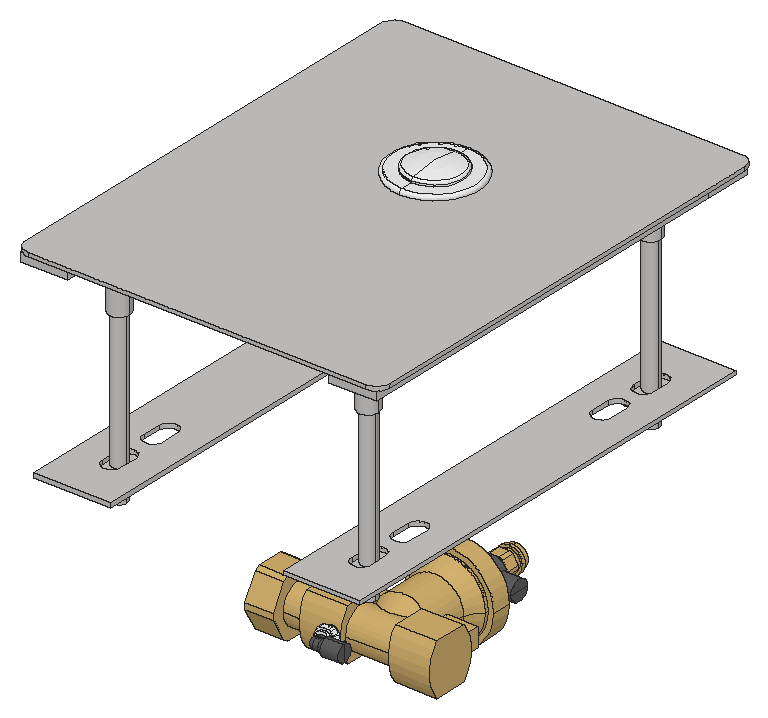
Revit family "PRD_AR_ShwrFttngsPckg_F3SSelfClosingShower_F3SV20101", category Plumbing Fixtures, host Face, Revit 2023
Family settings
  Host = Face
  Round Connector Dimension = Use Diameter
  Part Type = Normal
  OmniClass Number = 23.45.05.14.99
  OmniClass Title = Other Sanitary Washing Plumbing Fixtures
  Enable Cutting in Views = Yes
  Cut with Voids When Loaded = Yes
  Maintain Annotation Orientation = No
  Shared = No
  Room Calculation Point = No
Parameters (values of type "F3SV2010")
  WithTransformerPowerSupply = "n/a"
  WithRosettesCoverPlate = "Yes"
  WithFilter = "Yes"
  WithBackflowPreventer = "No"
  WaterConnection = "n/a"
  Waste Connection = yes
  WarrantyStartDate [instance] = "1900-12-31T23:59:59"
  WarrantyGuarantorParts = "n/a"
  WarrantyGuarantorLabor = "n/a"
  WarrantyDurationUnit = "n/a"
  WarrantyDurationParts = "n/a"
  WarrantyDurationLabor = "n/a"
  WarrantyDescription = "n/a"
  WallThickness [instance] = 100 mm
  WallThicknessControl [instance] = if(WallThickness < 60 mm, 60 mm, if(WallThickness > 500 mm, 500 mm, WallThickness))  # 100 mm
  WFU = 0
  VolumeFlowRateAt3Bar = "0.3 l/s"
  Version = "1"
  Vent Connection = yes
  ValveVerticalOffset [instance] = 0 mm
  ValveOffsetFromWall [instance] = 200 mm
  ValveTurnOn [instance] = yes
  Uniclass2015Version = "Products v1.36"
  Uniclass2015Title = "Shower fittings package"
  Uniclass2015Code = "Pr_40_20_87_75"
  URL = "www.kwc-professional.com"
  TypeOfShower = "in-wall fitting"
  TypeOfOperation = "Manual operation"
  TypeOfMounting = "Bolt mounting"
  TypeOfMixing = "No"
  Type IFC Predefined Type = "FLUSHING"
  ThermalDisinfection = "No"
  TemperatureLimit = "No"
  TagNumber [instance] = "n/a"
  SustainabilityPerformance = "n/a"
  SurfaceTreatmentFitting = "n/a"
  SurfaceFinishFitting = "n/a"
  SurfaceFinishCasing = "n/a"
  Status = "NEW"
  SoundInsulation = "n/a"
  Size = "15"
  ShowerType = "Individual"
  ShowerPipeDraining = "No"
  ShowerHeadDescription = "n/a"
  Shape = "n/a"
  SerialNumber [instance] = "n/a"
  Revision = "n/a"
  ReplacementCost = "n/a"
  Reference = "n/a"
  ProtectiveShutdown = "No"
  ProductInformation = "http://pim.kwc.com/product/2030068165/attachment/datasheet?locale=en"
  PositionOfWaterConnection = "n/a"
  NominalWidth = 190 mm
  NominalLength = 245 mm
  NominalHeight = 245 mm
  NominalDepth = 2 mm
  Name = "F3S Self-closing shower F3SV2010"
  NBSTypeID = "n/a"
  NBSReference = "45-35-70/330"
  NBSOfficeMasterTag = "n/a"
  NBSNote = "n/a"
  NBSDescription = "Shower fittings package"
  NBSCertification = "n/a"
  ModelReference = "F3SV2010"
  ModelNumber = "2030068165"
  Model = ModelReference  # "F3SV2010"
  MinimumFlowTime = "20 Seconds"
  MinimumFlowPressure = "1 bar"
  MaximumFlowTime = "30 Seconds"
  MaterialFitting = "brass-look"
  MaterialCasing = "stainless steel"
  Material = "stainless steel"
  ManufacturerURL = "www.kwc-professional.com"
  ManufacturerName = "KWC Group Management AG"
  Manufacturer = ManufacturerName  # "KWC Group Management AG"
  LockingMechanism = "Top section, non-ceramic"
  InstallationDate [instance] = "1900-12-31T23:59:59"
  InletSize = "G 1/2"
  IfcExportType = "SHOWER"
  IfcExportAs = "IfcSanitaryTerminalType"
  HygieneFlushing = "No"
  HasTray = "No"
  HWFU = 0
  Grade = "n/a"
  FunctionalPrinciple = "Hydraulic self-closing"
  ForHandShower = "No"
  Flow = 0.3 L/s
  Finish = "satin finished"
  Features = "For connection to pre-mixed hot water or cold water. All-metal construction, visible parts polished chromium-plated. Stainless steel cover plate 190 x 245 x 2 mm."
  Export Type to IFC As = "IfcValveType"
  ExpectedLife = "n/a"
  DurationUnit = "n/a"
  DrainSize = 15 mm
  DiameterNominal = "DN 15"
  Description = "F3S self-closing straight-way valve DN 15 for shower facilities, with remote control for concealed mounting. Especially suitable for facilities at risk of vandalism. Self-closing head part, hydraulically controlled for remote control, piston-free design, self-closing, for connection to pre-mixed hot water or cold water. All-metal construction, visible parts polished chromium-plated. Stainless steel cover plate 190 x 245 x 2 mm for invisible mounting via threaded rods, up to a wall thickness of 50 to 500 mm, pre-assembled push-button operation. Flush-mounted box, hydraulic control lines with empty conduit (2 m) and mounting material. Connection and maintenance via service room."
  Default Elevation = 1219.2 mm
  CreateOn = "04/2025"  # constant formula
  CoverPlateWidth = "190 mm"
  CoverPlateHeight = "245 mm"
  Constituents = "n/a"
  ConnectionWithPayWaterDispenser = "not possible"
  CompatibleA3000Open = "No"
  Color = "stainless steel-look"
  CodePerformance = "n/a"
  Circulation = "No"
  Category = "Pr_40_20_87_75, Shower fittings package"
  CalculationFlowRateHotWater = "n/a"
  CalculationFlowRateColdWater = "n/a"
  CWFU = 0
  CW Connection = yes
  BuiltinFittingModel = "Built-in section"
  ButtonMaterial = PRD_AR_ChromatedBrass_HighPolished
  BodyMaterial = PRD_AR_StainlessSteel_Brushed
  BasicColour = "n/a"
  BarCode [instance] = "n/a"
  BIMObjectName = "PRD_AR_ ShowerFittingsPackage_F3SSelfClosingShower_F3SV2010"
  Author = "Archispace"
  AssetType = "Fixed"
  AssetIdentifier [instance] = "n/a"
  AdjustableFlowTime = "Yes"
  AdditionalConnections = "No"
  AccessibilityPerformance = "n/a"
  AccentColour = "n/a"
Reference planes
  plane 1 "Center (Front/Back)": y = 0
  plane 2: z = 0
  plane 3 "Center (Left/Right)": x = 0
  plane 4: y = 0
  plane 5: z = -200
  plane 6: x = -60
  plane 7: x = 34
  plane 8: y = 90
  plane 9: y = -30
  plane 10: z = -100
  plane 11: y = 94.5
  plane 12: y = -94.5
Forms (mm)
  Extrusion 1, void
    sketch origin (0, 0, 0) x (1, 0, 0) y (0, 1, 0)
      loop
        circle (0, 4.921) r 11.456
    from -25 to 17.126
  Sweep 2, void
    path origin (0, 0, 0) x (0, 1, 0) y (0, 0, 1)
      loop
        line (90, -200) -> (-30, -200)
    profile origin (0, 30, -200) x (0, 0, -1) y (1, 0, 0)
      loop
        line (-28.107, 34) -> (-28.107, -60) -> (26.893, -60) -> (26.893, 34) -> (-28.107, 34)
  Extrusion 3, void
    sketch origin (0, -530.468, -200) x (-1, 0, 0) y (0, 1, 0)
      loop
        line (68, 624.968) -> (-68, 624.968) -> (-68, 435.968) -> (68, 435.968) -> (68, 624.968)
    from -247.556 to -100
Dimensions and locks
  "ValveOffsetFromWall": level to plane 5
  "ValveVerticalOffset": plane 4 to plane 1 "Center (Front/Back)"
  Sweep 2 sketch curve to plane 5 to Sweep 2 sketch curve = 26.893 mm locked, 28.107 mm locked
  plane 8 to plane 4 to plane 9 = 90 mm locked, 30 mm locked
  "WallThicknessControl": level to plane 10
  locked: plane 3 "Center (Left/Right)" to plane 7 at 34
  locked: plane 6 to plane 3 "Center (Left/Right)" at 60
  aligned and locked: plane 2 to host face
  aligned and locked: level to host face
  aligned and locked: Sweep 2 sketch curve to plane 5
  aligned and locked: plane 8 to Sweep 2 sketch curve
  aligned and locked: plane 9 to Sweep 2 sketch curve
  aligned and locked: Sweep 2 sketch curve to plane 6
  aligned and locked: plane 7 to Sweep 2 sketch curve
  aligned and locked: plane 3 "Center (Left/Right)" to nested 2
  aligned and locked: plane 4 to nested 2
  aligned and locked: nested 2 to plane 5
  aligned and locked: nested 1 to level
  aligned and locked: Extrusion 3 to plane 10
  aligned and locked: nested 1 to Extrusion 3 sketch curve
  aligned and locked: Extrusion 3 sketch curve to nested 1
  aligned and locked: Extrusion 3 to plane 12
Automatic sketch dimensions
  host sketch curve to host sketch curve = 2438.4 mm  (x2)
  Extrusion 1 sketch curve to Extrusion 1 sketch curve = 0 mm  (x2)
  Extrusion 1 sketch curve to plane 3 "Center (Left/Right)" = 0 mm
  Extrusion 1 sketch curve to plane 1 "Center (Front/Back)" = 4.921 mm
  Extrusion 1 sketch curve to Extrusion 1 sketch curve = 11.456 mm
  plane 6 to Extrusion 3 sketch curve = 8 mm
  Extrusion 3 sketch curve to plane 9 = 64.5 mm
Nested families
  nested 1: "ClosingShower" at (0, 0, 0) x (-1, 0, 0) z (0, 0, 1), Wall Thickness <- "WallThickness", type "FlushingValve"
    with Wall Thickness_Control 100 mm, Wall Thickness 100 mm
  nested 2: "Valve" at (0, 0, -200) x (1, 0, 0) z (0, 1, 0), visible <- "ValveTurnOn", type "Valve"
Connectors
  piping at (34, 0, -200), diameter 15
    settings: on nested 2, index 2, connector inside diameter 609.6 mm, connector length 0 mm, flow factor 0, pipe flow 0.0 L/s, pressure drop 0.0 Pa, fitting loss kfactor 0, connector angle 0.00°, fixture units 0, engagement length 0 mm, angle of deflection 0.00°, flow configuration 0, flow direction 1, fitting loss method 0, system type 28, joint type 0, gender type 0, connector reference index 3, connector utility 0, adjustable connector no, is connector primary yes, connector description "G3/4"
  piping at (-50, 0, -200), diameter 15, driven by "DrainSize", driven by "InletSize", driven by "Flow"
    settings: on nested 2, index 3, connector inside diameter 609.6 mm, connector length 0 mm, flow factor 0, pipe flow 0.3 L/s, pressure drop 0.0 Pa, fitting loss kfactor 0, connector angle 0.00°, fixture units 0, engagement length 0 mm, angle of deflection 0.00°, flow configuration 0, flow direction 1, fitting loss method 0, system type 7, joint type 0, gender type 0, connector reference index 2, connector utility 0, adjustable connector no, is connector primary no, connector description "G 1/2"
Definition of nested family "ClosingShower"
  Parameters (values of type "FlushingValve")
    Wall Thickness_Control [instance] = if(Wall Thickness < 60 mm, 60 mm, if(Wall Thickness > 500 mm, 500 mm, Wall Thickness))  # 130 mm
    Wall Thickness [instance] = 130 mm
    Material = none
    Default Elevation = 0 mm
    Brass Material = none
    Bottom material = none
  Reference planes
    plane 1 "Center (Front/Back)": y = 0
    plane 2: z = 0
    plane 3 "Center (Left/Right)": x = 0
    plane 4: z = -148.736
    plane 5: z = -132
    plane 6: z = -130
    plane 7: z = 2
    plane 8: z = -4.4
    plane 9: z = 26
    plane 10: z = -18
  Forms (mm)
    Extrusion 1, solid, material <- "Material", detail levels fine
      sketch origin (0, 0, 0) x (1, 0, 0) y (0, 1, 0)
        loop
          line (-95, 115.5) -> (-95, -115.5)
          arc (-95, -115.5) -> (-92.95, -120.45) -> (-88, -122.5) r 7
          line (-88, -122.5) -> (88, -122.5)
          arc (88, -122.5) -> (92.95, -120.45) -> (95, -115.5) r 7
          line (95, -115.5) -> (95, 115.5)
          arc (95, 115.5) -> (92.95, 120.45) -> (88, 122.5) r 7
          line (88, 122.5) -> (-88, 122.5)
          arc (-88, 122.5) -> (-92.95, 120.45) -> (-95, 115.5) r 7
      from 0 to 2
    Revolve 2, solid, material <- "Bottom material", detail levels fine
      sketch origin (0, 0, 0) x (0, 1, 0) y (0, 0, 1)
        loop
          line (-32.5, 2) -> (-9.476, 2)
          arc (-9.476, 2) -> (-9.812, 3.387) -> (-11.1, 4) r 1.659
          line (-11.1, 4) -> (-17.607, 4) -> (-17.607, 4.796)
          arc (-17.607, 4.796) -> (-17.97, 5.59) -> (-18.706, 6.06) r 1.544
          arc (-18.706, 6.06) -> (-25.534, 7.522) -> (-32.5, 7.998) r 49.004
          line (-32.5, 7.998) -> (-32.5, 2)
        axis (-32.5, 7.998) -> (-32.5, 2)
      angle from 0 to 360
    Extrusion 3, solid, material <- "Brass Material", detail levels fine
      sketch origin (0, 0, 0) x (1, 0, 0) y (0, 1, 0)
        loop
          line (0, -16.334) -> (-14, -24.417) -> (-14, -40.583) -> (0, -48.666) -> (14, -40.583) -> (14, -24.417) -> (0, -16.334)
      from -4.4 to -1.436
    Extrusion 4, solid, material <- "Material", detail levels fine
      sketch origin (0, 0, 0) x (1, 0, 0) y (0, 1, 0)
        loop
          line (-93, 121.5) -> (-93, -94.5) -> (-68, -94.5) -> (-68, 121.5) -> (-93, 121.5)
        loop
          line (93, 121.5) -> (68, 121.5) -> (68, -94.5) -> (93, -94.5) -> (93, 121.5)
      from -4.4 to 0
    Extrusion 5, solid, material <- "Material", detail levels fine
      sketch origin (0, 0, 0) x (1, 0, 0) y (0, 1, 0)
        loop
          line (-93, -94.5) -> (-93, -119.5) -> (93, -119.5) -> (93, -94.5) -> (-93, -94.5)
      from -4.4 to 0
    Extrusion 6, solid, material <- "Material", detail levels medium+fine
      sketch origin (0, 0, 0) x (1, 0, 0) y (0, 1, 0)
        loop
          circle (-64.946, 92.047) r 5.42
      from -30.436 to 0
    Extrusion 7, solid, material <- "Material", detail levels medium+fine
      sketch origin (0, 0, 0) x (-1, 0, 0) y (0, -1, 0)
        loop
          circle (-64.946, -92.047) r 5.42
      from -30.436 to 0
    Extrusion 8, solid, material <- "Material", detail levels medium+fine
      sketch origin (0, 0, 0) x (-1, 0, 0) y (0, -1, 0)
        loop
          circle (-64.946, 92.047) r 5.42
      from -30.436 to 0
    Extrusion 9, solid, material <- "Material", detail levels medium+fine
      sketch origin (0, 0, 0) x (1, 0, 0) y (0, 1, 0)
        loop
          circle (-64.946, -92.047) r 5.42
      from -30.436 to 0
    Extrusion 10, solid, material <- "Material", detail levels medium+fine
      sketch origin (0, 0, 0) x (1, 0, 0) y (0, 1, 0)
        loop
          circle (-64.946, 92.047) r 4.038
        loop
          circle (64.946, 92.047) r 4.038
        loop
          circle (64.946, -92.047) r 4.038
        loop
          circle (-64.946, -92.047) r 4.038
      from -148.736 to -30.436
    Sweep 11, solid, material <- "Material", detail levels fine
      path origin (0, 0, 0) x (0, 1, 0) y (0, 0, 1)
        loop
          line (122.5, -132) -> (122.5, -130)
      profile origin (0, 122.5, -131) x (0, -1, 0) y (1, 0, 0)
        loop
          line (0, -85) -> (245, -85) -> (245, -45) -> (0, -45) -> (0, -85)
        loop
          line (192.5, -60) -> (182.5, -60)
          arc (182.5, -60) -> (177.5, -65) -> (182.5, -70) r 5
          line (182.5, -70) -> (192.5, -70)
          arc (192.5, -70) -> (197.5, -65) -> (192.5, -60) r 5
        loop
          line (219.5, -60) -> (209.5, -60)
          arc (209.5, -60) -> (204.5, -65) -> (209.5, -70) r 5
          line (209.5, -70) -> (219.5, -70)
          arc (219.5, -70) -> (224.5, -65) -> (219.5, -60) r 5
        loop
          arc (52.5, -60) -> (47.5, -65) -> (52.5, -70) r 5
          line (52.5, -70) -> (62.5, -70)
          arc (62.5, -70) -> (67.5, -65) -> (62.5, -60) r 5
          line (62.5, -60) -> (52.5, -60)
        loop
          arc (25.5, -60) -> (20.5, -65) -> (25.5, -70) r 5
          line (25.5, -70) -> (35.5, -70)
          arc (35.5, -70) -> (40.5, -65) -> (35.5, -60) r 5
          line (35.5, -60) -> (25.5, -60)
        loop
          line (0, 85) -> (0, 45) -> (245, 45) -> (245, 85) -> (0, 85)
        loop
          arc (192.5, 60) -> (197.5, 65) -> (192.5, 70) r 5
          line (192.5, 70) -> (182.5, 70)
          arc (182.5, 70) -> (177.5, 65) -> (182.5, 60) r 5
          line (182.5, 60) -> (192.5, 60)
        loop
          arc (219.5, 60) -> (224.5, 65) -> (219.5, 70) r 5
          line (219.5, 70) -> (209.5, 70)
          arc (209.5, 70) -> (204.5, 65) -> (209.5, 60) r 5
          line (209.5, 60) -> (219.5, 60)
        loop
          line (52.5, 60) -> (62.5, 60)
          arc (62.5, 60) -> (67.5, 65) -> (62.5, 70) r 5
          line (62.5, 70) -> (52.5, 70)
          arc (52.5, 70) -> (47.5, 65) -> (52.5, 60) r 5
        loop
          line (25.5, 60) -> (35.5, 60)
          arc (35.5, 60) -> (40.5, 65) -> (35.5, 70) r 5
          line (35.5, 70) -> (25.5, 70)
          arc (25.5, 70) -> (20.5, 65) -> (25.5, 60) r 5
    Sweep 12, solid, material <- "Material", detail levels fine
      path origin (0, 0, 0) x (0, 1, 0) y (0, 0, 1)
        loop
          line (106, -135) -> (106, -132)
      profile origin (0, 106, -133.5) x (0, -1, 0) y (1, 0, 0)
        loop
          circle (13.984, -64.949) r 13.871
        loop
          circle (13.984, 64.949) r 13.871
        loop
          circle (198.016, -64.949) r 13.871
        loop
          circle (198.016, 64.949) r 13.871
    Sweep 13, solid, material <- "Material", detail levels fine
      path origin (0, 0, 0) x (0, 1, 0) y (0, 0, 1)
        loop
          line (93.672, -141.8) -> (93.672, -135)
      profile origin (0, 93.672, -138.4) x (0, -1, 0) y (1, 0, 0)
        loop
          line (-5.834, -65) -> (-2.081, -71.5) -> (5.425, -71.5) -> (9.177, -65) -> (5.425, -58.5) -> (-2.081, -58.5) -> (-5.834, -65)
        loop
          line (-5.834, 65) -> (-2.081, 58.5) -> (5.425, 58.5) -> (9.177, 65) -> (5.425, 71.5) -> (-2.081, 71.5) -> (-5.834, 65)
        loop
          line (193.177, -65) -> (189.425, -58.5) -> (181.919, -58.5) -> (178.166, -65) -> (181.919, -71.5) -> (189.425, -71.5) -> (193.177, -65)
        loop
          line (193.177, 65) -> (189.425, 71.5) -> (181.919, 71.5) -> (178.166, 65) -> (181.919, 58.5) -> (189.425, 58.5) -> (193.177, 65)
    Extrusion 14, solid, material <- "Material", detail levels coarse
      sketch origin (0, 122.5, -132) x (0, 1, 0) y (-1, 0, 0)
        loop
          line (0, 95) -> (-245, 95) -> (-245, -95) -> (0, -95) -> (0, 95)
      from -16.736 to 134
    Extrusion 15, solid, material <- "Material", detail levels medium
      sketch origin (0, 122.5, -132) x (0, 1, 0) y (-1, 0, 0)
        loop
          line (-245, 95) -> (-245, -95) -> (0, -95) -> (0, 95) -> (-245, 95)
      from 127.6 to 134
    Sweep 16, solid, material <- "Material", detail levels medium
      path origin (0, 0, 0) x (0, 1, 0) y (0, 0, 1)
        loop
          line (122.5, -132) -> (122.5, -130)
      profile origin (0, 122.5, -131) x (0, -1, 0) y (1, 0, 0)
        loop
          line (0, -85) -> (245, -85) -> (245, -45) -> (0, -45) -> (0, -85)
        loop
          line (0, 85) -> (0, 45) -> (245, 45) -> (245, 85) -> (0, 85)
    Revolve 17, solid, material <- "Brass Material", detail levels fine
      sketch origin (0, 0, 0) x (0, 1, 0) y (0, 0, 1)
        loop
          line (-32.5, -60) -> (-8.783, -60) -> (1.5, -49.717) -> (1.5, 0) -> (-32.5, 0) -> (-32.5, -60)
        axis (-32.5, 0) -> (-32.5, -60)
      angle from 0 to 360
    Revolve 18, solid, material <- "Bottom material", detail levels coarse+medium
      sketch origin (0, 0, 0) x (0, 1, 0) y (0, 0, 1)
        loop
          line (-32.5, 2) -> (-9.476, 2) -> (-9.476, 7.998) -> (-32.5, 7.998) -> (-32.5, 2)
        axis (-32.5, 7.998) -> (-32.5, 2)
      angle from 0 to 360
    Revolve 19, solid, material <- "Brass Material", detail levels medium
      sketch origin (0, 0, 0) x (0, 1, 0) y (0, 0, 1)
        loop
          line (-32.5, -60) -> (1.5, -60) -> (1.5, 0) -> (-32.5, 0) -> (-32.5, -60)
        axis (-32.5, 0) -> (-32.5, -60)
      angle from 0 to 360
  Dimensions and locks
    locked: plane 5 to plane 4 at 16.736
    locked: Sweep 11 sketch curve to plane 5 at 2
    locked: Sweep 12 sketch curve to Sweep 12 sketch curve at 3
    locked: plane 5 to Sweep 13 sketch curve at 3
    locked: Sweep 13 sketch curve to Sweep 13 sketch curve at 6.8
    locked: plane 6 to plane 5 at 2
    "Wall Thickness_Control": level to plane 6
    aligned and locked: level to plane 2
    aligned and locked: Extrusion 10 to plane 4
    aligned and locked: plane 5 to Sweep 11 sketch curve
    aligned and locked: plane 5 to Sweep 12 sketch curve
    aligned and locked: Extrusion 14 to plane 4
    aligned and locked: Extrusion 15 to Extrusion 3
    aligned and locked: Extrusion 15 to Extrusion 1
    aligned and locked: Extrusion 14 to Extrusion 1
  Automatic sketch dimensions
    Extrusion 3 sketch curve to plane 3 "Center (Left/Right)" = 0 mm  (x2)
    Extrusion 3 sketch curve to plane 3 "Center (Left/Right)" = 14 mm
    plane 3 "Center (Left/Right)" to Extrusion 3 sketch curve = 14 mm
    plane 1 "Center (Front/Back)" to Extrusion 3 sketch curve = 48.666 mm
    Extrusion 3 sketch curve to Extrusion 3 sketch curve = 8.083 mm  (x3)
    Extrusion 3 sketch curve to Extrusion 3 sketch curve = 16.166 mm  (x2)
    Extrusion 4 sketch curve to plane 3 "Center (Left/Right)" = 93 mm
    Extrusion 4 sketch curve to Extrusion 4 sketch curve = 25 mm  (x2)
    plane 3 "Center (Left/Right)" to Extrusion 4 sketch curve = 68 mm
    plane 1 "Center (Front/Back)" to Extrusion 4 sketch curve = 94.5 mm  (x2)
    Extrusion 4 sketch curve to plane 1 "Center (Front/Back)" = 121.5 mm  (x2)
    Extrusion 5 sketch curve to plane 3 "Center (Left/Right)" = 93 mm
    plane 3 "Center (Left/Right)" to Extrusion 5 sketch curve = 93 mm
    plane 1 "Center (Front/Back)" to Extrusion 5 sketch curve = 119.5 mm
    Extrusion 5 sketch curve to Extrusion 5 sketch curve = 25 mm
    Extrusion 6 sketch curve to plane 3 "Center (Left/Right)" = 64.946 mm
    Extrusion 6 sketch curve to plane 1 "Center (Front/Back)" = 92.047 mm
    plane 3 "Center (Left/Right)" to Extrusion 7 sketch curve = 64.946 mm
    Extrusion 7 sketch curve to plane 1 "Center (Front/Back)" = 92.047 mm
    plane 3 "Center (Left/Right)" to Extrusion 8 sketch curve = 64.946 mm
    plane 1 "Center (Front/Back)" to Extrusion 8 sketch curve = 92.047 mm
    Extrusion 9 sketch curve to plane 3 "Center (Left/Right)" = 64.946 mm
    plane 1 "Center (Front/Back)" to Extrusion 9 sketch curve = 92.047 mm
    Extrusion 10 sketch curve to plane 3 "Center (Left/Right)" = 64.946 mm  (x2)
    plane 3 "Center (Left/Right)" to Extrusion 10 sketch curve = 64.946 mm  (x2)
    plane 1 "Center (Front/Back)" to Extrusion 10 sketch curve = 92.047 mm  (x2)
    Extrusion 10 sketch curve to plane 1 "Center (Front/Back)" = 92.047 mm  (x2)
    Sweep 11 sketch curve to plane 1 "Center (Front/Back)" = 122.5 mm
    Sweep 11 sketch curve to profile plane = 0 mm  (x2)
    Sweep 11 sketch curve to profile plane = 25.5 mm  (x2)
    Sweep 11 sketch curve to Sweep 11 sketch curve = 10 mm  (x8)
    Sweep 11 sketch curve to Sweep 11 sketch curve = 17 mm  (x4)
    Sweep 11 sketch curve to plane 3 "Center (Left/Right)" = 70 mm  (x2)
    Sweep 11 sketch curve to Sweep 11 sketch curve = 120 mm  (x2)
    Sweep 11 sketch curve to Sweep 11 sketch curve = 25.5 mm  (x2)
    Sweep 11 sketch curve to Sweep 11 sketch curve = 15 mm  (x5)
    Sweep 11 sketch curve to Sweep 11 sketch curve = 0 mm  (x4)
    Sweep 11 sketch curve to Sweep 11 sketch curve = 5 mm  (x8)
    plane 3 "Center (Left/Right)" to Sweep 11 sketch curve = 45 mm
    Sweep 12 sketch curve to plane 1 "Center (Front/Back)" = 106 mm
    Sweep 12 sketch curve to profile plane = 13.984 mm  (x2)
    plane 3 "Center (Left/Right)" to Sweep 12 sketch curve = 64.949 mm  (x2)
    Sweep 12 sketch curve to Sweep 12 sketch curve = 184.032 mm
    Sweep 12 sketch curve to plane 3 "Center (Left/Right)" = 64.949 mm  (x2)
    Sweep 12 sketch curve to Sweep 12 sketch curve = 0 mm
    Sweep 13 sketch curve to plane 1 "Center (Front/Back)" = 93.672 mm
    profile plane to Sweep 13 sketch curve = 5.834 mm  (x2)
    profile plane to Sweep 13 sketch curve = 2.081 mm  (x4)
    Sweep 13 sketch curve to profile plane = 5.425 mm  (x4)
    Sweep 13 sketch curve to Sweep 13 sketch curve = 3.753 mm  (x8)
    plane 3 "Center (Left/Right)" to Sweep 13 sketch curve = 65 mm  (x2)
    Sweep 13 sketch curve to Sweep 13 sketch curve = 168.989 mm
    Sweep 13 sketch curve to plane 3 "Center (Left/Right)" = 65 mm  (x2)
    Sweep 13 sketch curve to Sweep 13 sketch curve = 0 mm
    Sweep 13 sketch curve to plane 3 "Center (Left/Right)" = 71.5 mm  (x2)
    plane 3 "Center (Left/Right)" to Sweep 13 sketch curve = 71.5 mm
    plane 3 "Center (Left/Right)" to Sweep 13 sketch curve = 58.5 mm  (x2)
    Sweep 13 sketch curve to Sweep 13 sketch curve = 7.506 mm  (x4)
    Sweep 13 sketch curve to Sweep 13 sketch curve = 6.5 mm  (x7)
    plane 1 "Center (Front/Back)" to Extrusion 14 sketch curve = 122.5 mm
    plane 3 "Center (Left/Right)" to Extrusion 14 sketch curve = 95 mm
    Extrusion 14 sketch curve to plane 1 "Center (Front/Back)" = 122.5 mm
    Extrusion 14 sketch curve to plane 3 "Center (Left/Right)" = 95 mm
    plane 1 "Center (Front/Back)" to Extrusion 15 sketch curve = 122.5 mm
    Extrusion 15 sketch curve to plane 3 "Center (Left/Right)" = 95 mm
    plane 3 "Center (Left/Right)" to Extrusion 15 sketch curve = 95 mm
    Extrusion 15 sketch curve to plane 1 "Center (Front/Back)" = 122.5 mm
    Sweep 16 sketch curve to plane 6 = 0 mm
    Sweep 16 sketch curve to plane 5 = 0 mm
    Sweep 16 sketch curve to plane 1 "Center (Front/Back)" = 122.5 mm
    Sweep 16 sketch curve to profile plane = 0 mm  (x2)
    plane 3 "Center (Left/Right)" to Sweep 16 sketch curve = 45 mm
    Sweep 16 sketch curve to plane 3 "Center (Left/Right)" = 85 mm
    Sweep 16 sketch curve to Sweep 16 sketch curve = 40 mm  (x2)
    Sweep 16 sketch curve to Sweep 16 sketch curve = 0 mm
    Sweep 16 sketch curve to profile plane = 245 mm
    Revolve 2 sketch curve to plane 7 = 0 mm
    plane 1 "Center (Front/Back)" to Revolve 2 sketch curve = 32.5 mm
    plane 1 "Center (Front/Back)" to Revolve 2 sketch curve = 32.354 mm
    plane 7 to Revolve 2 sketch curve = 2.577 mm
    Revolve 2 sketch curve to Revolve 2 sketch curve = 13.364 mm
    Revolve 2 sketch curve to Revolve 2 sketch curve = 1.528 mm
    plane 7 to Revolve 2 sketch curve = 0.341 mm
    Revolve 2 sketch curve to Revolve 2 sketch curve = 6.507 mm
    Revolve 2 sketch curve to Revolve 2 sketch curve = 1.624 mm
    Revolve 2 sketch curve to plane 10 = 23.005 mm
    Revolve 2 sketch curve to Revolve 2 sketch curve = 0.796 mm
    Revolve 2 sketch curve to Revolve 2 sketch curve = 5.998 mm
    Revolve 2 sketch curve to Revolve 2 sketch curve = 0 mm  (x2)
    plane 8 to Revolve 2 sketch curve = 1.4 mm
    Revolve 17 sketch curve to level = 0 mm
    Revolve 17 sketch curve to plane 8 = 0 mm
    plane 1 "Center (Front/Back)" to Revolve 17 sketch curve = 32.5 mm
    plane 1 "Center (Front/Back)" to Revolve 17 sketch curve = 8.783 mm
    Revolve 17 sketch curve to plane 1 "Center (Front/Back)" = 1.5 mm
    Revolve 17 sketch curve to plane 10 = 31.717 mm
    Revolve 17 sketch curve to Revolve 17 sketch curve = 10.283 mm
    Revolve 17 sketch curve to Revolve 17 sketch curve = 0 mm
    Revolve 17 sketch curve to Revolve 17 sketch curve = 19.4 mm
    Revolve 19 sketch curve to level = 0 mm
    Revolve 19 sketch curve to plane 8 = 0 mm
    plane 1 "Center (Front/Back)" to Revolve 19 sketch curve = 32.5 mm
    Revolve 19 sketch curve to plane 10 = 42 mm
    Revolve 19 sketch curve to Revolve 19 sketch curve = 0 mm
    Revolve 19 sketch curve to Revolve 19 sketch curve = 19.4 mm
    Revolve 19 sketch curve to plane 1 "Center (Front/Back)" = 1.5 mm
    Revolve 18 sketch curve to plane 7 = 0 mm
    plane 1 "Center (Front/Back)" to Revolve 18 sketch curve = 32.5 mm
    Revolve 18 sketch curve to Revolve 18 sketch curve = 5.998 mm
    plane 8 to Revolve 18 sketch curve = 1.4 mm
    plane 1 "Center (Front/Back)" to Revolve 18 sketch curve = 9.476 mm
    Revolve 18 sketch curve to Revolve 18 sketch curve = 0 mm  (x2)
    Extrusion 1 sketch curve to plane 3 "Center (Left/Right)" = 88 mm  (x2)
    Extrusion 1 sketch curve to Extrusion 1 sketch curve = 7 mm  (x2)
    plane 3 "Center (Left/Right)" to Extrusion 1 sketch curve = 88 mm  (x2)
    plane 1 "Center (Front/Back)" to Extrusion 1 sketch curve = 122.5 mm
    Extrusion 1 sketch curve to plane 1 "Center (Front/Back)" = 115.5 mm
    radius of Extrusion 6 sketch curve = 5.42 mm
    radius of Extrusion 7 sketch curve = 5.42 mm
    radius of Extrusion 8 sketch curve = 5.42 mm
    radius of Extrusion 9 sketch curve = 5.42 mm
    radius of Extrusion 10 sketch curve = 4.038 mm  (x4)
    radius of Sweep 12 sketch curve = 13.871 mm  (x4)
Definition of nested family "Valve"
  Parameters (values of type "Valve")
    Default Elevation = 1219.2 mm
    Brass Material = none
  Reference planes
    plane 1 "Center (Front/Back)": y = 0
    plane 2: z = 0
    plane 3 "Center (Left/Right)": x = 0
    plane 4: z = 0
  Forms (mm)
    Extrusion 1, solid, material <- "Brass Material", detail levels fine
      sketch origin (0, 122.5, -132) x (0, 1, 0) y (-1, 0, 0)
        loop
          circle (-122.5, 0) r 23
      from 174 to 184
    Revolve 2, solid, material <- "Brass Material", detail levels fine
      sketch origin (0, 0, 15.74) x (-1, 0, 0) y (0, 0, 1)
        loop
          line (-19.005, 47.75) -> (-5.486, 47.75) -> (-5.486, 50.989) -> (-7.527, 50.989) -> (-9.538, 53) -> (-19.005, 53) -> (-19.005, 47.75)
        axis (-5.486, 47.75) -> (-19.005, 47.75)
      angle from 0 to 360
    Revolve 3, solid, material <- "Brass Material", detail levels fine
      sketch origin (0, 0, 15.74) x (0, 1, 0) y (0, 0, 1)
        loop
          line (0, 36.26) -> (10, 36.26) -> (10, 40.26) -> (6.925, 40.26) -> (6.925, 54.688) -> (5.682, 54.688) -> (5.682, 65.016) -> (6.976, 65.016) -> (6.976, 66.494) -> (5.995, 66.494) -> (5.995, 69.877)
          arc (5.995, 69.877) -> (3.12, 71.135) -> (0, 71.469) r 10.3
          line (0, 71.469) -> (0, 36.26)
        axis (0, 71.469) -> (0, 36.26)
      angle from 0 to 360
    Extrusion 4, solid, detail levels fine
      sketch origin (0, 122.5, -116.26) x (0, 1, 0) y (-1, 0, 0)
        loop
          line (-117.024, 4.262) -> (-121.524, 6.86) -> (-123.524, 6.86) -> (-128.024, 4.262) -> (-129.024, 2.53) -> (-129.024, -2.666) -> (-128.024, -4.398) -> (-123.524, -6.997) -> (-121.524, -6.997) -> (-117.024, -4.398) -> (-116.024, -2.666) -> (-116.024, 2.53) -> (-117.024, 4.262)
      from 187.25 to 194.25
    Revolve 5, solid, detail levels fine
      sketch origin (22.051, 33.382, -21.748) x (0.768333, 0.64005, 0) y (-0.64005, 0.768333, 0)
        loop
          line (-53.909, -2.304) -> (-51.878, -3.977) -> (-51.072, -6.318) -> (-44.027, -12.24) -> (-41.291, -8.986) -> (-54.299, 1.949)
          arc (-54.299, 1.949) -> (-54.991, -0.258) -> (-53.909, -2.304) r 3.005
        axis (-41.291, -8.986) -> (-54.299, 1.949)
      angle from 0 to 360
    Extrusion 6, solid, detail levels fine
      sketch origin (22.051, 33.382, -31.564) x (0.768333, 0.64005, 0) y (-0.64005, 0.768333, 0)
        loop
          line (-56.969, -2.357) -> (-53.459, -5.303) -> (-52.443, -5.482) -> (-48.137, -3.915) -> (-47.474, -3.125) -> (-46.678, 1.388) -> (-47.031, 2.357) -> (-50.541, 5.303) -> (-51.557, 5.482) -> (-55.863, 3.915) -> (-56.526, 3.125) -> (-57.322, -1.388) -> (-56.969, -2.357)
      from 14.314 to 17.605
    Revolve 7, solid, material <- "Brass Material", detail levels fine
      sketch origin (22.051, 33.382, 5.529) x (0, 0, 1) y (0.768333, 0.64005, 0)
        loop
          line (-14.092, -52) -> (-28.004, -52) -> (-28.004, -54.831) -> (-22.75, -54.831) -> (-22.75, -57) -> (-14.092, -57) -> (-14.092, -52)
        axis (-14.092, -52) -> (-28.004, -52)
      angle from 0 to 360
    Revolve 8, solid, detail levels fine
      sketch origin (22.051, 33.382, 5.529) x (0, 0, 1) y (0.768333, 0.64005, 0)
        loop
          line (-22.75, -52) -> (-24.25, -52) -> (-24.25, -55.993) -> (-22.75, -55.993) -> (-22.75, -52)
        axis (-22.75, -52) -> (-24.25, -52)
      angle from 0 to 360
    Extrusion 9, solid, material <- "Brass Material", detail levels fine
      sketch origin (0, 0, 0) x (0, 1, 0) y (0, 0, 1)
        loop
          line (13.453, 9.553) -> (1.547, 16.427) -> (-1.547, 16.427) -> (-13.453, 9.553) -> (-15, 6.874) -> (-15, -6.874) -> (-13.453, -9.553) -> (-1.547, -16.427) -> (1.547, -16.427) -> (13.453, -9.553) -> (15, -6.874) -> (15, 6.874) -> (13.453, 9.553)
        loop
          circle (0, 0) r 7.5
      from -60 to -45
    Revolve 10, solid, material <- "Brass Material", detail levels fine
      sketch origin (0, 0, 0) x (1, 0, 0) y (0, 0, 1)
        loop
          line (0, 0) -> (0, 42) -> (-20, 42) -> (-20, 40.627)
          arc (-20, 40.627) -> (-17.011, 36.76) -> (-14.821, 32.39) r 25.301
          line (-14.821, 32.39) -> (-14.821, 11.566) -> (-9.911, 0) -> (0, 0)
        axis (0, 42) -> (0, 0)
      angle from 0 to 360
    Revolve 11, solid, material <- "Brass Material", detail levels fine
      sketch origin (0, 0, 0) x (1, 0, 0) y (0, 0, 1)
        loop
          line (-50, 0) -> (31.826, 0) -> (31.826, 10.606) -> (-50, 10.606) -> (-50, 0)
        axis (31.826, 0) -> (-50, 0)
      angle from 0 to 360
    Extrusion 12, solid, material <- "Brass Material", detail levels fine
      sketch origin (0, 0, 0) x (0, 1, 0) y (0, 0, 1)
        loop
          line (13.42, -8.553) -> (13.42, 8.553)
          arc (13.42, 8.553) -> (0, 13.429) -> (-13.42, 8.553) r 20.909
          line (-13.42, 8.553) -> (-13.42, -8.553)
          arc (-13.42, -8.553) -> (0, -13.429) -> (13.42, -8.553) r 20.909
      from -34 to -12.428
    Extrusion 13, solid, material <- "Brass Material", detail levels fine
      sketch origin (0, 0, 0) x (1, 0, 0) y (0, 0, 1)
        loop
          line (-30.001, 12.252) -> (-12.428, 12.252) -> (-12.428, 22.839) -> (-30.001, 22.839) -> (-30.001, 12.252)
      from -5 to 5
    Extrusion 14, solid, material <- "Brass Material", detail levels fine
      sketch origin (0, 0, 0) x (0, 1, 0) y (0, 0, -1)
        loop
          arc (13.42, 8.553) -> (0, 13.429) -> (-13.42, 8.553) r 20.909
          line (-13.42, 8.553) -> (-13.42, -8.553)
          arc (-13.42, -8.553) -> (0, -13.429) -> (13.42, -8.553) r 20.909
          line (13.42, -8.553) -> (13.42, 8.553)
      from -34 to -12.428
    Extrusion 15, solid, material <- "Brass Material", detail levels fine
      sketch origin (0, 0, 0) x (-1, 0, 0) y (0, 0, -1)
        loop
          line (-30.001, -12.252) -> (-30.001, -22.839) -> (-12.428, -22.839) -> (-12.428, -12.252) -> (-30.001, -12.252)
      from -5 to 5
    Revolve 16, solid, material <- "Brass Material", detail levels medium
      sketch origin (0, 0, 0) x (0, 1, 0) y (0, 0, 1)
        loop
          line (0, 87.99) -> (0, 52) -> (10, 52) -> (10, 56) -> (6.917, 56) -> (6.917, 87.99) -> (0, 87.99)
        axis (0, 87.99) -> (0, 52)
      angle from 0 to 360
    Extrusion 17, solid, material <- "Brass Material", detail levels medium
      sketch origin (0, 0, 0) x (0, 1, 0) y (0, 0, 1)
        loop
          circle (0, 0) r 16.5
      from -60 to -45
    Revolve 18, solid, material <- "Brass Material", detail levels medium
      sketch origin (0, 0, 0) x (1, 0, 0) y (0, 0, 1)
        loop
          line (0, 0) -> (0, 52.058) -> (-20, 52.058) -> (-20, 41.356) -> (-14.821, 41.356) -> (-14.821, 0) -> (0, 0)
        axis (0, 52.058) -> (0, 0)
      angle from 0 to 360
    Revolve 19, solid, material <- "Brass Material", detail levels medium
      sketch origin (0, 0, 0) x (1, 0, 0) y (0, 0, 1)
        loop
          line (-50, 0) -> (34.064, 0) -> (34.064, 10.606) -> (-50, 10.606) -> (-50, 0)
        axis (34.064, 0) -> (-50, 0)
      angle from 0 to 360
    Extrusion 20, solid, material <- "Brass Material", detail levels coarse
      sketch origin (0, 122.5, -132) x (0, 1, 0) y (-1, 0, 0)
        loop
          line (-99.5, 60) -> (-145.5, 60) -> (-145.5, -34) -> (-99.5, -34) -> (-99.5, 60)
      from 105.783 to 219.99
  Cuts and joins
    joined: Extrusion 9, Revolve 10, Revolve 11, Extrusion 12, Extrusion 13, Extrusion 14, Extrusion 15
    joined: Revolve 18, Revolve 19
  Dimensions and locks
    aligned and locked: level to plane 2
    aligned and locked: level to plane 4
